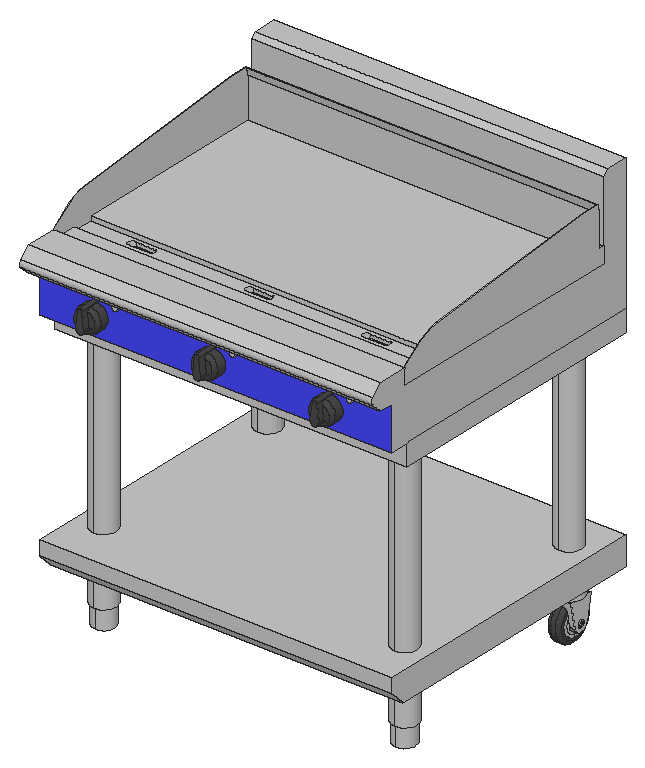
Revit family "QF_MOFFAT_BLUESEAL_CE_E516A-LS", category Specialty Equipment, Revit 2012
Parameters
  Width = 900 mm
  Weight in Pounds = 198  # constant formula
  Watts = 10200 W
  Volts = 400 V
  URL Cutsheet = "www.moffat.com"
  URL = "www.moffat.com"
  Type Mark [instance] = ""
  Status [instance] = ""
  Specification by User [instance] = ""
  Specification by Manufacturer = ""
  Show Logo [instance] = no
  Show Casters [instance] = yes
  Serial Number = ""
  Seismic Rating = ""
  SMACNA No = ""
  Revision Code [instance] = ""
  Phase = 3
  Omniclass Number and Title = ""
  Number of Poles = 1
  NAFEM Spec ID Number = ""
  Model = "E516A-LS"
  Min Ckt Ampacity = 0 A
  Max Overcurrent Protection = 0 A
  Masterspec = ""
  Manufacturer = "MOFFAT BLUESEAL"
  Legs [instance] = not(Show Casters)  # no
  Item Number [instance] = ""
  Installed By [instance] = ""
  Identify Quantity as Lot [instance] = yes
  HP = ""
  Furnished By [instance] = ""
  Foodservice Equipment Identifier [instance] = yes
  FL Amps = 15 A
  Electrical Remarks = "15A PER PHASE"
  Elec Conn RI Height = 0 mm
  Elec Conn Connection Height = 0 mm
  Description = "900MM ELECTRIC GRIDDLE PLATE ON LEG STAND"
  Depth = 812 mm
  Cycle = 50 Hz
  Conn Plug = ""
  Conn Conduit = yes
  CSI MasterFormat = ""
  CSI Master Format = ""
  Base Height [instance] = 150 mm
  Apparent Power = if(Phase = 3, Volts * FL Amps * 1.73, Volts * FL Amps)  # 10380 VA
Reference planes
  plane 1 "BACK": y = 0
  plane 2: z = 0
  plane 3 "LEFT": x = 0
  plane 4 "RIGHT": x = 900
  plane 5 "FRONT": y = -812
  plane 6 "TOP": z = 970
  plane 7 "Center Y": x = 450
  plane 8 "Center X": y = -406
  plane 9 "Base Height": z = 150
  plane 10: z = 915
  plane 11: y = -31
  plane 12: x = 770
  plane 13: z = 1085
  plane 14: x = 65.354
  plane 15: y = -625
  plane 16: y = -100
  plane 17: x = 834.646
Forms (mm)
  Extrusion 1, solid, material "QF_Finishes_Stainless Steel"
    sketch origin (0, 0, 0) x (0, 1, 0) y (0, 0, 1)
      loop
        line (-749, 850) -> (-749, 740) -> (0, 740) -> (0, 1085) -> (-57.5, 1085) -> (-70, 1072.5) -> (-70, 875) -> (-705, 875) -> (-705, 915) -> (-783.97, 915) -> (-808.485, 890.485)
        arc (-808.485, 890.485) -> (-811.999, 882) -> (-808.485, 873.515) r 12
        line (-808.485, 873.515) -> (-784.97, 850) -> (-749, 850)
      loop
        line (0, 685) -> (0, 739.5) -> (-699, 739.5) -> (-699, 685) -> (0, 685)
      loop
        line (0, 222.5) -> (-749, 222.5) -> (-749, 186) -> (-713, 150) -> (0, 150) -> (0, 222.5)
    from 0 to 900
  Revolve 2, solid, material "QF_Finishes_Black"
    sketch origin (150, 7, 597.89) x (0, 1, 0) y (0, 0, -1)
      loop
        line (-789, -229.5) -> (-766, -229.5) -> (-766, -202) -> (-756, -202) -> (-756, -197) -> (-800, -197) -> (-800, -223.651) -> (-789, -229.5)
      axis (-800, -197) -> (-756, -197)
    angle from 0 to 360
  Extrusion 3, solid, material "QF_Finishes_Black"
    sketch origin (150, -759, 794.89) x (0, 0, 1) y (1, 0, 0)
      loop
        arc (32.192, -4.965) -> (37.079, 0.034) -> (32.192, 5.033) r 5
        line (32.192, 5.033) -> (-10.726, 10.453)
        arc (-10.726, 10.453) -> (-22.392, 0.618) -> (-11.893, -10.454) r 10.487
        line (-11.893, -10.454) -> (32.192, -4.965)
    from 0 to -49
  Extrusion 4, solid, material "QF_Finishes_Stainless Steel"
    sketch origin (0, 0, 222.5) x (0, -1, 0) y (1, 0, 0)
      loop
        circle (100, 65) r 31.75
      loop
        circle (625, 65) r 31.75
      loop
        circle (100, 835) r 31.75
      loop
        circle (625, 835) r 31.75
    from 0 to 462.5
  Revolve 5, solid, material "QF_Finishes_Stainless Steel", visible <- "Legs"
    sketch origin (65.5, -166, 0) x (0, 1, 0) y (0, 0, 1)
      loop
        line (34.25, 150) -> (34.25, 50) -> (38.5, 50) -> (38.5, 0) -> (66, 0) -> (66, 150) -> (34.25, 150)
      axis (66, 150) -> (66, 0)
    angle from 0 to 360
  Revolve 6, solid, material "QF_Finishes_Stainless Steel"
    sketch origin (65.5, -735, 0) x (0, 1, 0) y (0, 0, 1)
      loop
        line (78.25, 150) -> (78.25, 50) -> (82.5, 50) -> (82.5, 0) -> (110, 0) -> (110, 150) -> (78.25, 150)
      axis (110, 150) -> (110, 0)
    angle from 0 to 360
  Revolve 7, solid, material "QF_Finishes_Stainless Steel", visible <- "Legs"
    sketch origin (834.646, -166, -0.354) x (0, 1, 0) y (0, 0, -1)
      loop
        line (34.25, -150) -> (66, -150) -> (66, -0.354) -> (38.5, -0.354) -> (38.5, -50) -> (34.25, -50) -> (34.25, -150)
      axis (66, -150) -> (66, -0.354)
    angle from 0 to 360
  Revolve 8, solid, material "QF_Finishes_Stainless Steel"
    sketch origin (834.646, -728, -0.354) x (0, 1, 0) y (0, 0, -1)
      loop
        line (71.25, -150) -> (103, -150) -> (103, -0.354) -> (75.5, -0.354) -> (75.5, -50) -> (71.25, -50) -> (71.25, -150)
      axis (103, -150) -> (103, -0.354)
    angle from 0 to 360
  Extrusion 9, void
    sketch origin (0, -699, 740) x (0, -1, 0) y (1, 0, 0)
      loop
        circle (-668, 770) r 6.35
    from 0 to -62.281
  Revolve 10, solid, material "QF_Finishes_Black"
    sketch origin (450, 7, 597.89) x (0, 1, 0) y (0, 0, -1)
      loop
        line (-789, -229.5) -> (-766, -229.5) -> (-766, -202) -> (-756, -202) -> (-756, -197) -> (-800, -197) -> (-800, -223.651) -> (-789, -229.5)
      axis (-800, -197) -> (-756, -197)
    angle from 0 to 360
  Extrusion 11, solid, material "QF_Finishes_Black"
    sketch origin (450, -759, 794.89) x (0, 0, 1) y (1, 0, 0)
      loop
        arc (32.192, -4.965) -> (37.079, 0.034) -> (32.192, 5.033) r 5
        line (32.192, 5.033) -> (-10.726, 10.453)
        arc (-10.726, 10.453) -> (-22.392, 0.618) -> (-11.893, -10.454) r 10.487
        line (-11.893, -10.454) -> (32.192, -4.965)
    from 0 to -49
  Extrusion 12, solid, material "QF_Finishes_Stainless Steel"
    sketch origin (0, -749, 850) x (0, 0, -1) y (1, 0, 0)
      loop
        circle (25.11, 195) r 7.15
      loop
        circle (25.11, 495.3) r 7.15
      loop
        circle (25.11, 795) r 7.15
    from 0 to 3.2
  Revolve 13, solid, material "QF_Finishes_Stainless Steel", visible <- "Show Casters"
    sketch origin (16.276, -100.755, -12.8) x (1, 0, 0) y (0, 0, 1)
      loop
        line (14.841, 63.604) -> (83.584, 63.604) -> (83.584, 67.109) -> (82.314, 68.379) -> (80.79, 68.379) -> (80.79, 71.826) -> (68.644, 71.826) -> (68.644, 81.79) -> (65.088, 83.843) -> (63.738, 92.179) -> (65.881, 92.179) -> (65.881, 98.529) -> (65.088, 98.529) -> (65.088, 104.879)
        arc (65.088, 104.879) -> (62.298, 111.614) -> (55.563, 114.404) r 9.525
        line (55.563, 114.404) -> (42.863, 114.404)
        arc (42.863, 114.404) -> (36.127, 111.614) -> (33.338, 104.879) r 9.525
        line (33.338, 104.879) -> (33.338, 98.529) -> (32.544, 98.529) -> (32.544, 92.179) -> (34.687, 92.179) -> (33.352, 83.932) -> (29.782, 81.871) -> (29.782, 71.826) -> (17.635, 71.826) -> (17.635, 68.379) -> (16.111, 68.379) -> (14.841, 67.109) -> (14.841, 63.604)
      axis (14.841, 63.604) -> (83.584, 63.604)
    angle from 0 to 360
  Extrusion 14, solid, material "QF_Finishes_Stainless Steel", visible <- "Show Casters"
    sketch origin (72.001, 132.353, -8.783) x (0, 1, 0) y (0, 0, 1)
      loop
        line (-200.603, 118.783) -> (-264.103, 118.783) -> (-251.746, 53.895)
        arc (-251.746, 53.895) -> (-232.353, 38.783) -> (-212.959, 53.895) r 20
        line (-212.959, 53.895) -> (-200.603, 118.783)
    from -35.667 to 22.923
  Revolve 15, solid, material "QF_Finishes_Stainless Steel", visible <- "Show Casters"
    sketch origin (65.5, -204, 0) x (0, 1, 0) y (0, 0, 1)
      loop
        line (68.25, 150) -> (68.25, 110) -> (104, 110) -> (104, 150) -> (68.25, 150)
      axis (104, 150) -> (104, 110)
    angle from 0 to 360
  Revolve 16, solid, material "QF_Finishes_Stainless Steel", visible <- "Legs"
    sketch origin (65.5, -166, 0) x (0, 1, 0) y (0, 0, 1)
      loop
        line (34.25, 150) -> (34.25, 50) -> (38.5, 50) -> (38.5, 0) -> (66, 0) -> (66, 150) -> (34.25, 150)
      axis (66, 150) -> (66, 0)
    angle from 0 to 360
  Revolve 17, solid, material "QF_Finishes_Stainless Steel", visible <- "Show Casters"
    sketch origin (485.423, -100.755, -12.798) x (1, 0, 0) y (0, 0, 1)
      loop
        line (314.841, 63.604) -> (383.584, 63.604) -> (383.584, 67.109) -> (382.314, 68.379) -> (380.79, 68.379) -> (380.79, 71.826) -> (368.644, 71.826) -> (368.644, 81.79) -> (365.088, 83.843) -> (363.738, 92.179) -> (365.881, 92.179) -> (365.881, 98.529) -> (365.088, 98.529) -> (365.088, 104.879)
        arc (365.088, 104.879) -> (362.298, 111.614) -> (355.563, 114.404) r 9.525
        line (355.563, 114.404) -> (342.863, 114.404)
        arc (342.863, 114.404) -> (336.127, 111.614) -> (333.338, 104.879) r 9.525
        line (333.338, 104.879) -> (333.338, 98.529) -> (332.544, 98.529) -> (332.544, 92.179) -> (334.687, 92.179) -> (333.352, 83.932) -> (329.782, 81.871) -> (329.782, 71.826) -> (317.635, 71.826) -> (317.635, 68.379) -> (316.111, 68.379) -> (314.841, 67.109) -> (314.841, 63.604)
      axis (314.841, 63.604) -> (383.584, 63.604)
    angle from 0 to 360
  Extrusion 18, solid, material "QF_Finishes_Stainless Steel", visible <- "Show Casters"
    sketch origin (841.147, 132.353, -9.137) x (0, 1, 0) y (0, 0, 1)
      loop
        line (-200.603, 118.783) -> (-264.103, 118.783) -> (-251.746, 53.895)
        arc (-251.746, 53.895) -> (-232.353, 38.783) -> (-212.959, 53.895) r 20
        line (-212.959, 53.895) -> (-200.603, 118.783)
    from -35.667 to 22.923
  Revolve 19, solid, material "QF_Finishes_Stainless Steel", visible <- "Show Casters"
    sketch origin (834.646, -204, -0.354) x (0, 1, 0) y (0, 0, 1)
      loop
        line (68.25, 150) -> (68.25, 110) -> (104, 110) -> (104, 150) -> (68.25, 150)
      axis (104, 150) -> (104, 110)
    angle from 0 to 360
  Revolve 20, solid, material "QF_Finishes_Black"
    sketch origin (750, 7, 597.89) x (0, 1, 0) y (0, 0, -1)
      loop
        line (-789, -229.5) -> (-766, -229.5) -> (-766, -202) -> (-756, -202) -> (-756, -197) -> (-800, -197) -> (-800, -223.651) -> (-789, -229.5)
      axis (-800, -197) -> (-756, -197)
    angle from 0 to 360
  Extrusion 21, solid, material "QF_Finishes_Black"
    sketch origin (750, -759, 794.89) x (0, 0, 1) y (1, 0, 0)
      loop
        arc (32.192, -4.965) -> (37.079, 0.034) -> (32.192, 5.033) r 5
        line (32.192, 5.033) -> (-10.726, 10.453)
        arc (-10.726, 10.453) -> (-22.392, 0.618) -> (-11.893, -10.454) r 10.487
        line (-11.893, -10.454) -> (32.192, -4.965)
    from 0 to -49
Cuts and joins
  Extrusion 9 cuts Extrusion 1
Lines and regions (mm)
  Split face 1
    outline origin (900, 0, 1085) x (-1, 0, 0) y (0, -1, 0)
      loop
        arc (856, 18.385) -> (864.66, 23.385) -> (864.66, 33.385) r 10
        line (864.66, 33.385) -> (860.619, 40.385)
        arc (860.619, 40.385) -> (856.959, 44.045) -> (851.959, 45.385) r 10
        line (851.959, 45.385) -> (624, 45.385)
        arc (624, 45.385) -> (615.34, 40.385) -> (615.34, 30.385) r 10
        line (615.34, 30.385) -> (619.381, 23.385)
        arc (619.381, 23.385) -> (623.041, 19.725) -> (628.041, 18.385) r 10
        line (628.041, 18.385) -> (856, 18.385)
  Split face 2
    outline origin (900, 0, 1085) x (-1, 0, 0) y (0, -1, 0)
      loop
        arc (276, 18.385) -> (284.66, 23.385) -> (284.66, 33.385) r 10
        line (284.66, 33.385) -> (280.619, 40.385)
        arc (280.619, 40.385) -> (276.959, 44.045) -> (271.959, 45.385) r 10
        line (271.959, 45.385) -> (44, 45.385)
        arc (44, 45.385) -> (35.34, 40.385) -> (35.34, 30.385) r 10
        line (35.34, 30.385) -> (39.381, 23.385)
        arc (39.381, 23.385) -> (43.041, 19.725) -> (48.041, 18.385) r 10
        line (48.041, 18.385) -> (276, 18.385)
  Split face 3
    outline origin (900, 0, 1085) x (-1, 0, 0) y (0, -1, 0)
      loop
        arc (334, 45.385) -> (325.34, 40.385) -> (325.34, 30.385) r 10
        line (325.34, 30.385) -> (329.381, 23.385)
        arc (329.381, 23.385) -> (333.041, 19.725) -> (338.041, 18.385) r 10
        line (338.041, 18.385) -> (566, 18.385)
        arc (566, 18.385) -> (574.66, 23.385) -> (574.66, 33.385) r 10
        line (574.66, 33.385) -> (570.619, 40.385)
        arc (570.619, 40.385) -> (566.959, 44.045) -> (561.959, 45.385) r 10
        line (561.959, 45.385) -> (334, 45.385)
  symbolic lines, style "SpecialityEquipmentHiddenLines", visible <- "Show Casters"
    curve 1: line (78.456, -46.735, 0) -> (105.952, -62.61, 0)
    curve 2: line (27.656, -134.723, 0) -> (78.456, -46.735, 0)
    curve 3: line (55.152, -150.598, 0) -> (27.656, -134.723, 0)
    curve 4: line (105.952, -62.61, 0) -> (55.152, -150.598, 0)
    curve 5: line (848.456, -46.735, 0) -> (875.952, -62.61, 0)
    curve 6: line (797.656, -134.723, 0) -> (848.456, -46.735, 0)
    curve 7: line (825.152, -150.598, 0) -> (797.656, -134.723, 0)
    curve 8: line (875.952, -62.61, 0) -> (825.152, -150.598, 0)
  symbolic lines
    curve 9: line (0, -783.97, 0) -> (900, -783.97, 0)
    curve 10: line (0, 0, 0) -> (0, -811.999, 0)
    curve 11: line (900, -811.999, 0) -> (900, 0, 0)
    curve 12: line (900, -811.999, 0) -> (0, -811.999, 0)
    curve 13: line (0, -70, 0) -> (900, -70, 0)
    curve 14: line (0, -57.5, 0) -> (900, -57.5, 0)
    curve 15: line (900, 0, 0) -> (0, 0, 0)
    curve 16: line (561.959, -18.385, 0) -> (334, -18.385, 0)
    curve 17: arc (334, -18.385, 0) -> (325.34, -23.385, 0) -> (325.34, -33.385, 0) r 10
    curve 18: line (325.34, -33.385, 0) -> (329.381, -40.385, 0)
    curve 19: arc (329.381, -40.385, 0) -> (333.041, -44.045, 0) -> (338.041, -45.385, 0) r 10
    curve 20: line (338.041, -45.385, 0) -> (566, -45.385, 0)
    curve 21: arc (566, -45.385, 0) -> (574.66, -40.385, 0) -> (574.66, -30.385, 0) r 10
    curve 22: line (574.66, -30.385, 0) -> (570.619, -23.385, 0)
    curve 23: arc (570.619, -23.385, 0) -> (566.959, -19.725, 0) -> (561.959, -18.385, 0) r 10
    curve 24: line (851.959, -18.385, 0) -> (624, -18.385, 0)
    curve 25: arc (624, -18.385, 0) -> (615.34, -23.385, 0) -> (615.34, -33.385, 0) r 10
    curve 26: line (615.34, -33.385, 0) -> (619.381, -40.385, 0)
    curve 27: arc (619.381, -40.385, 0) -> (623.041, -44.045, 0) -> (628.041, -45.385, 0) r 10
    curve 28: line (628.041, -45.385, 0) -> (856, -45.385, 0)
    curve 29: arc (856, -45.385, 0) -> (864.66, -40.385, 0) -> (864.66, -30.385, 0) r 10
    curve 30: line (864.66, -30.385, 0) -> (860.619, -23.385, 0)
    curve 31: arc (860.619, -23.385, 0) -> (856.959, -19.725, 0) -> (851.959, -18.385, 0) r 10
    curve 32: line (271.959, -18.385, 0) -> (44, -18.385, 0)
    curve 33: arc (44, -18.385, 0) -> (35.34, -23.385, 0) -> (35.34, -33.385, 0) r 10
    curve 34: line (35.34, -33.385, 0) -> (39.381, -40.385, 0)
    curve 35: arc (39.381, -40.385, 0) -> (43.041, -44.045, 0) -> (48.041, -45.385, 0) r 10
    curve 36: line (48.041, -45.385, 0) -> (276, -45.385, 0)
    curve 37: arc (276, -45.385, 0) -> (284.66, -40.385, 0) -> (284.66, -30.385, 0) r 10
    curve 38: line (284.66, -30.385, 0) -> (280.619, -23.385, 0)
    curve 39: arc (280.619, -23.385, 0) -> (276.959, -19.725, 0) -> (271.959, -18.385, 0) r 10
    curve 40: line (0, -705, 0) -> (900, -705, 0)
Dimensions and locks
  equal spacing: plane 3 "LEFT", plane 7 "Center Y", plane 4 "RIGHT"
  "Width": plane 3 "LEFT" to plane 4 "RIGHT"
  equal spacing: plane 5 "FRONT", plane 8 "Center X", plane 1 "BACK"
  "Depth": plane 5 "FRONT" to plane 1 "BACK"
  equal spacing: plane 4 "RIGHT", plane 7 "Center Y", plane 3 "LEFT"
  plane 4 "RIGHT" to plane 3 "LEFT" = 900 mm
  plane 5 "FRONT" to plane 1 "BACK" = 812 mm
  "Base Height": plane 9 "Base Height" to level
  plane 6 "TOP" to level = 970 mm
  plane 10 to level = 915 mm
  plane 11 to plane 1 "BACK" = 31 mm
  plane 12 to plane 4 "RIGHT" = 130 mm
  plane 13 to plane 2 = 1085 mm
  Revolve 13 sketch curve to Revolve 13 sketch curve = 50.8 mm
  Revolve 17 sketch curve to Revolve 17 sketch curve = 50.8 mm
  plane 2 to cut or joined group of Extrusion 1, Extrusion 9 = 740 mm
  Extrusion 9 sketch curve to plane 1 "BACK" = 31 mm
  plane 16 to plane 15 = 525 mm
  aligned and locked: level to plane 2
  aligned and locked: Extrusion 4 to cut or joined group of Extrusion 1, Extrusion 9
  aligned and locked: cut or joined group of Extrusion 1, Extrusion 9 to plane 4 "RIGHT"
Automatic sketch dimensions
  plane 1 "BACK" to curve 15 = 0 mm
  curve 15 to plane 3 "LEFT" = 0 mm
  curve 9 to plane 4 "RIGHT" = 0 mm
  plane 3 "LEFT" to curve 2 = 27.656 mm
  plane 14 to curve 3 = 10.202 mm
  curve 2 to plane 14 = 13.102 mm
  plane 12 to curve 6 = 27.656 mm
  curve 8 to plane 17 = 9.494 mm
  plane 17 to curve 5 = 13.809 mm
  curve 5 to plane 11 = 15.735 mm
  curve 2 to plane 11 = 15.735 mm
  curve 14 to plane 11 = 26.5 mm
  curve 8 to curve 14 = 5.11 mm
  curve 4 to curve 1 = 15.875 mm
  curve 13 to curve 14 = 12.5 mm
  curve 9 to plane 5 "FRONT" = 28.03 mm
  curve 12 to plane 5 "FRONT" = 0.001 mm
  plane 10 to Extrusion 1 sketch curve = 0 mm
  Extrusion 1 sketch curve to plane 9 "Base Height" = 0 mm
  plane 13 to Extrusion 1 sketch curve = 0 mm
  Extrusion 1 sketch curve to plane 1 "BACK" = 0 mm  (x3)
  Extrusion 1 sketch curve to plane 11 = 26.5 mm
  plane 13 to Extrusion 1 sketch curve = 12.5 mm
  Extrusion 1 sketch curve to Extrusion 1 sketch curve = 12.5 mm
  plane 15 to Extrusion 1 sketch curve = 74 mm
  plane 15 to Extrusion 1 sketch curve = 80 mm
  plane 15 to Extrusion 1 sketch curve = 88 mm
  Extrusion 1 sketch curve to Extrusion 1 sketch curve = 44 mm
  Extrusion 1 sketch curve to Extrusion 1 sketch curve = 36 mm
  Extrusion 1 sketch curve to plane 5 "FRONT" = 28.03 mm
  Extrusion 1 sketch curve to plane 5 "FRONT" = 27.03 mm
  Extrusion 1 sketch curve to plane 5 "FRONT" = 12.001 mm
  Extrusion 1 sketch curve to plane 5 "FRONT" = 3.515 mm  (x2)
  plane 9 "Base Height" to Extrusion 1 sketch curve = 36 mm
  plane 9 "Base Height" to Extrusion 1 sketch curve = 72.5 mm
  plane 10 to Extrusion 1 sketch curve = 230 mm
  Extrusion 1 sketch curve to Extrusion 1 sketch curve = 54.5 mm
  Extrusion 1 sketch curve to Extrusion 1 sketch curve = 0.5 mm
  plane 10 to Extrusion 1 sketch curve = 65 mm
  Extrusion 1 sketch curve to Extrusion 1 sketch curve = 23.515 mm
  plane 10 to Extrusion 1 sketch curve = 40 mm
  Extrusion 1 sketch curve to Extrusion 1 sketch curve = 8.485 mm
  Revolve 2 sketch curve to plane 5 "FRONT" = 19 mm
  Revolve 2 sketch curve to Revolve 2 sketch curve = 0 mm  (x2)
  Revolve 2 sketch curve to Revolve 2 sketch curve = 11 mm
  Revolve 2 sketch curve to Revolve 2 sketch curve = 12.7 mm
  Revolve 2 sketch curve to Revolve 2 sketch curve = 23 mm
  Revolve 2 sketch curve to Revolve 2 sketch curve = 10 mm
  plane 10 to Revolve 2 sketch curve = 87.61 mm
  Revolve 2 sketch curve to Revolve 2 sketch curve = 5.849 mm
  Revolve 2 sketch curve to Revolve 2 sketch curve = 27.5 mm
  Revolve 2 sketch curve to Revolve 2 sketch curve = 5 mm
  Extrusion 3 sketch curve to Revolve 2 = 0.034 mm  (x2)
  Revolve 2 to Extrusion 3 sketch curve = 10.454 mm
  Extrusion 3 sketch curve to Extrusion 3 sketch curve = 0.028 mm
  Extrusion 3 sketch curve to Revolve 2 = 10.453 mm
  Extrusion 3 sketch curve to Extrusion 3 sketch curve = 44 mm
  Extrusion 3 sketch curve to Revolve 2 = 5.033 mm
  Extrusion 3 sketch curve to Extrusion 3 sketch curve = 0.113 mm
  Revolve 2 to Extrusion 3 sketch curve = 4.965 mm
  Extrusion 4 sketch curve to Extrusion 4 sketch curve = 0 mm  (x8)
  Extrusion 1 to Extrusion 4 sketch curve = 68.25 mm  (x2)
  Extrusion 4 sketch curve to Extrusion 4 sketch curve = 31.75 mm  (x4)
  Extrusion 4 sketch curve to Extrusion 1 = 155.75 mm  (x2)
  Extrusion 1 to Extrusion 4 sketch curve = 65 mm  (x4)
  Revolve 5 sketch curve to plane 9 "Base Height" = 0 mm
  Revolve 5 sketch curve to level = 0 mm
  Revolve 5 sketch curve to plane 16 = 0 mm  (x2)
  plane 16 to Revolve 5 sketch curve = 27.5 mm
  plane 16 to Revolve 5 sketch curve = 31.75 mm
  Revolve 5 sketch curve to Revolve 5 sketch curve = 55 mm
  level to Revolve 5 sketch curve = 50 mm
  Revolve 5 sketch curve to Revolve 5 sketch curve = 0 mm
  Revolve 6 sketch curve to plane 9 "Base Height" = 0 mm
  Revolve 6 sketch curve to level = 0 mm
  Revolve 6 sketch curve to plane 15 = 0 mm  (x2)
  Revolve 6 sketch curve to Revolve 6 sketch curve = 27.5 mm
  Revolve 6 sketch curve to Revolve 6 sketch curve = 31.75 mm
  Revolve 6 sketch curve to Revolve 6 sketch curve = 55 mm
  level to Revolve 6 sketch curve = 50 mm
  Revolve 6 sketch curve to Revolve 6 sketch curve = 0 mm
  Revolve 7 sketch curve to level = 0 mm
  Revolve 7 sketch curve to plane 16 = 0 mm  (x2)
  plane 16 to Revolve 7 sketch curve = 27.5 mm
  Revolve 7 sketch curve to plane 9 "Base Height" = 0.354 mm
  plane 16 to Revolve 7 sketch curve = 31.75 mm
  level to Revolve 7 sketch curve = 49.646 mm
  Revolve 7 sketch curve to Revolve 7 sketch curve = 0 mm
  Revolve 7 sketch curve to level = 55.354 mm
  Revolve 8 sketch curve to level = 0 mm
  Revolve 8 sketch curve to plane 15 = 0 mm  (x2)
  Revolve 8 sketch curve to Revolve 8 sketch curve = 27.5 mm
  Revolve 8 sketch curve to plane 9 "Base Height" = 0.354 mm
  plane 15 to Revolve 8 sketch curve = 31.75 mm
  level to Revolve 8 sketch curve = 49.646 mm
  Revolve 8 sketch curve to Revolve 8 sketch curve = 0 mm
  Revolve 8 sketch curve to Revolve 8 sketch curve = 55.354 mm
  Extrusion 9 sketch curve to Extrusion 1 = 130 mm
  Revolve 10 sketch curve to plane 5 "FRONT" = 19 mm
  Revolve 10 sketch curve to Revolve 10 sketch curve = 0 mm  (x2)
  Revolve 10 sketch curve to Revolve 10 sketch curve = 11 mm
  Revolve 10 sketch curve to Revolve 10 sketch curve = 12.7 mm
  Revolve 10 sketch curve to Revolve 10 sketch curve = 23 mm
  Revolve 10 sketch curve to Revolve 10 sketch curve = 10 mm
  plane 10 to Revolve 10 sketch curve = 87.61 mm
  Revolve 10 sketch curve to Revolve 10 sketch curve = 5.849 mm
  Revolve 10 sketch curve to Revolve 10 sketch curve = 27.5 mm
  Revolve 10 sketch curve to Revolve 10 sketch curve = 5 mm
  Extrusion 11 sketch curve to Revolve 10 = 0.034 mm  (x2)
  Revolve 10 to Extrusion 11 sketch curve = 10.454 mm
  Extrusion 11 sketch curve to Extrusion 11 sketch curve = 0.028 mm
  Extrusion 11 sketch curve to Revolve 10 = 10.453 mm
  Extrusion 11 sketch curve to Extrusion 11 sketch curve = 44 mm
  Extrusion 11 sketch curve to Revolve 10 = 5.033 mm
  Extrusion 11 sketch curve to Extrusion 11 sketch curve = 0.113 mm
  Revolve 10 to Extrusion 11 sketch curve = 4.965 mm
  Split face 1 sketch curve to cut or joined group of Extrusion 1, Extrusion 9 = 27.115 mm
  Split face 1 sketch curve to cut or joined group of Extrusion 1, Extrusion 9 = 284.66 mm
  Split face 1 sketch curve to Split face 1 sketch curve = 4.041 mm  (x4)
  Split face 1 sketch curve to Split face 1 sketch curve = 8.66 mm  (x2)
  Split face 1 sketch curve to cut or joined group of Extrusion 1, Extrusion 9 = 12.115 mm
  Split face 1 sketch curve to cut or joined group of Extrusion 1, Extrusion 9 = 48.041 mm
  Split face 1 sketch curve to Split face 1 sketch curve = 7 mm  (x3)
  Split face 1 sketch curve to Split face 1 sketch curve = 17 mm
  Split face 2 sketch curve to cut or joined group of Extrusion 1, Extrusion 9 = 35.34 mm
  Split face 2 sketch curve to Split face 2 sketch curve = 4.041 mm  (x4)
  Split face 2 sketch curve to Split face 2 sketch curve = 8.66 mm  (x2)
  Split face 2 sketch curve to cut or joined group of Extrusion 1, Extrusion 9 = 12.115 mm
  Split face 2 sketch curve to Split face 2 sketch curve = 223.917 mm
  Split face 2 sketch curve to Split face 2 sketch curve = 5 mm
  Split face 2 sketch curve to Split face 2 sketch curve = 10 mm
  Split face 2 sketch curve to Split face 2 sketch curve = 7 mm  (x3)
  plane 3 "LEFT" to Revolve 13 sketch curve = 31.118 mm
  Revolve 13 sketch curve to Revolve 13 sketch curve = 1.27 mm  (x4)
  Revolve 13 sketch curve to Revolve 13 sketch curve = 1.524 mm  (x2)
  Revolve 13 sketch curve to Revolve 13 sketch curve = 12.146 mm  (x2)
  plane 14 to Revolve 13 sketch curve = 16.533 mm
  Revolve 13 sketch curve to Revolve 13 sketch curve = 0.794 mm  (x2)
  Revolve 13 sketch curve to Revolve 13 sketch curve = 3.57 mm
  Revolve 13 sketch curve to Revolve 13 sketch curve = 2.143 mm
  plane 14 to Revolve 13 sketch curve = 6.215 mm
  Revolve 13 sketch curve to plane 14 = 5.276 mm
  Revolve 13 sketch curve to plane 14 = 6.485 mm
  Revolve 13 sketch curve to plane 14 = 14.661 mm
  Revolve 13 sketch curve to Revolve 13 sketch curve = 1.349 mm  (x2)
  Revolve 13 sketch curve to Revolve 13 sketch curve = 3.556 mm
  Revolve 13 sketch curve to Revolve 13 sketch curve = 33.32 mm
  level to Revolve 13 sketch curve = 50.804 mm
  Revolve 13 sketch curve to Revolve 13 sketch curve = 0 mm
  Revolve 13 sketch curve to Revolve 13 sketch curve = 3.505 mm  (x2)
  Revolve 13 sketch curve to Revolve 13 sketch curve = 3.447 mm  (x2)
  Revolve 13 sketch curve to Revolve 13 sketch curve = 9.964 mm
  Revolve 13 sketch curve to Revolve 13 sketch curve = 10.045 mm
  Revolve 13 sketch curve to Revolve 13 sketch curve = 2.053 mm
  Revolve 13 sketch curve to Revolve 13 sketch curve = 2.061 mm
  Revolve 13 sketch curve to Revolve 13 sketch curve = 8.247 mm
  Revolve 13 sketch curve to Revolve 13 sketch curve = 8.336 mm
  Revolve 13 sketch curve to Revolve 13 sketch curve = 6.35 mm  (x2)
  Extrusion 14 sketch curve to plane 16 = 0 mm
  plane 16 to Extrusion 14 sketch curve = 19.393 mm
  plane 16 to Extrusion 14 sketch curve = 31.75 mm
  Extrusion 14 sketch curve to plane 16 = 19.393 mm
  Extrusion 14 sketch curve to plane 16 = 31.75 mm
  level to Extrusion 14 sketch curve = 45.111 mm
  Extrusion 14 sketch curve to Extrusion 14 sketch curve = 4.889 mm
  Extrusion 14 sketch curve to plane 9 "Base Height" = 40 mm
  Revolve 15 sketch curve to plane 9 "Base Height" = 0 mm
  Revolve 15 sketch curve to plane 16 = 0 mm  (x2)
  plane 16 to Revolve 15 sketch curve = 35.75 mm
  Revolve 15 sketch curve to Revolve 15 sketch curve = 40 mm
  level to Revolve 15 sketch curve = 50 mm
  Revolve 15 sketch curve to level = 55 mm
  Revolve 16 sketch curve to plane 9 "Base Height" = 0 mm
  Revolve 16 sketch curve to level = 0 mm
  Revolve 16 sketch curve to plane 16 = 0 mm  (x2)
  plane 16 to Revolve 16 sketch curve = 27.5 mm
  plane 16 to Revolve 16 sketch curve = 31.75 mm
  Revolve 16 sketch curve to Revolve 16 sketch curve = 55 mm
  level to Revolve 16 sketch curve = 50 mm
  Revolve 16 sketch curve to Revolve 16 sketch curve = 0 mm
  plane 12 to Revolve 17 sketch curve = 30.264 mm
  Revolve 17 sketch curve to Revolve 17 sketch curve = 1.27 mm  (x4)
  Revolve 17 sketch curve to Revolve 17 sketch curve = 1.524 mm  (x2)
  Revolve 17 sketch curve to Revolve 17 sketch curve = 12.146 mm  (x2)
  Revolve 17 sketch curve to plane 17 = 16.68 mm
  Revolve 17 sketch curve to Revolve 17 sketch curve = 0.794 mm  (x2)
  Revolve 17 sketch curve to Revolve 17 sketch curve = 3.57 mm
  Revolve 17 sketch curve to Revolve 17 sketch curve = 2.143 mm
  Revolve 17 sketch curve to plane 17 = 6.361 mm
  plane 17 to Revolve 17 sketch curve = 5.13 mm
  plane 17 to Revolve 17 sketch curve = 6.339 mm
  plane 17 to Revolve 17 sketch curve = 14.515 mm
  Revolve 17 sketch curve to Revolve 17 sketch curve = 1.349 mm  (x2)
  Revolve 17 sketch curve to Revolve 17 sketch curve = 3.556 mm
  Revolve 17 sketch curve to plane 4 "RIGHT" = 2.327 mm
  level to Revolve 17 sketch curve = 50.806 mm
  Revolve 17 sketch curve to Revolve 17 sketch curve = 0 mm
  Revolve 17 sketch curve to Revolve 17 sketch curve = 3.505 mm  (x2)
  Revolve 17 sketch curve to Revolve 17 sketch curve = 3.447 mm  (x2)
  Revolve 17 sketch curve to Revolve 17 sketch curve = 9.964 mm
  Revolve 17 sketch curve to Revolve 17 sketch curve = 10.045 mm
  Revolve 17 sketch curve to Revolve 17 sketch curve = 2.053 mm
  Revolve 17 sketch curve to Revolve 17 sketch curve = 2.061 mm
  Revolve 17 sketch curve to Revolve 17 sketch curve = 8.247 mm
  Revolve 17 sketch curve to Revolve 17 sketch curve = 8.336 mm
  Revolve 17 sketch curve to Revolve 17 sketch curve = 6.35 mm  (x2)
  Extrusion 18 sketch curve to plane 16 = 0 mm
  plane 16 to Extrusion 18 sketch curve = 19.393 mm
  plane 16 to Extrusion 18 sketch curve = 31.75 mm
  Extrusion 18 sketch curve to plane 16 = 19.393 mm
  Extrusion 18 sketch curve to plane 16 = 31.75 mm
  level to Extrusion 18 sketch curve = 44.758 mm
  Extrusion 18 sketch curve to Extrusion 18 sketch curve = 4.889 mm
  Extrusion 18 sketch curve to plane 9 "Base Height" = 40.354 mm
  Revolve 19 sketch curve to plane 16 = 0 mm  (x2)
  Revolve 19 sketch curve to plane 9 "Base Height" = 0.354 mm
  plane 16 to Revolve 19 sketch curve = 35.75 mm
  Revolve 19 sketch curve to Revolve 19 sketch curve = 40 mm
  level to Revolve 19 sketch curve = 49.646 mm
  Revolve 19 sketch curve to level = 55.354 mm
  Split face 3 sketch curve to cut or joined group of Extrusion 1, Extrusion 9 = 27.115 mm
  Split face 3 sketch curve to cut or joined group of Extrusion 1, Extrusion 9 = 325.34 mm
  Split face 3 sketch curve to cut or joined group of Extrusion 1, Extrusion 9 = 23.385 mm
  Split face 3 sketch curve to Split face 3 sketch curve = 4.041 mm  (x4)
  Split face 3 sketch curve to Split face 3 sketch curve = 8.66 mm  (x2)
  Split face 3 sketch curve to cut or joined group of Extrusion 1, Extrusion 9 = 22.115 mm
  Split face 3 sketch curve to Split face 3 sketch curve = 223.917 mm
  Split face 3 sketch curve to cut or joined group of Extrusion 1, Extrusion 9 = 17.115 mm
  Split face 3 sketch curve to Split face 3 sketch curve = 17 mm
  Split face 3 sketch curve to Split face 3 sketch curve = 7 mm
  Revolve 20 sketch curve to plane 5 "FRONT" = 19 mm
  Revolve 20 sketch curve to Revolve 20 sketch curve = 0 mm  (x2)
  Revolve 20 sketch curve to Revolve 20 sketch curve = 11 mm
  Revolve 20 sketch curve to Revolve 20 sketch curve = 12.7 mm
  Revolve 20 sketch curve to Revolve 20 sketch curve = 23 mm
  Revolve 20 sketch curve to Revolve 20 sketch curve = 10 mm
  plane 10 to Revolve 20 sketch curve = 87.61 mm
  Revolve 20 sketch curve to Revolve 20 sketch curve = 5.849 mm
  Revolve 20 sketch curve to Revolve 20 sketch curve = 27.5 mm
  Revolve 20 sketch curve to Revolve 20 sketch curve = 5 mm
  Extrusion 21 sketch curve to Revolve 20 = 0.034 mm  (x2)
  Revolve 20 to Extrusion 21 sketch curve = 10.454 mm
  Extrusion 21 sketch curve to Extrusion 21 sketch curve = 0.028 mm
  Extrusion 21 sketch curve to Revolve 20 = 10.453 mm
  Extrusion 21 sketch curve to Extrusion 21 sketch curve = 44 mm
  Extrusion 21 sketch curve to Revolve 20 = 5.033 mm
  Extrusion 21 sketch curve to Extrusion 21 sketch curve = 0.113 mm
  Revolve 20 to Extrusion 21 sketch curve = 4.965 mm
  curve 17 to plane 11 = 2.385 mm
  curve 17 to plane 7 "Center Y" = 124.66 mm
  curve 18 to curve 19 = 4.041 mm
  curve 17 to curve 17 = 8.66 mm
  curve 19 to curve 20 = 8.66 mm
  plane 11 to curve 16 = 12.615 mm
  plane 7 "Center Y" to curve 16 = 111.959 mm
  curve 23 to curve 21 = 4.041 mm  (x2)
  plane 11 to curve 22 = 7.615 mm
  curve 16 to curve 22 = 8.66 mm
  plane 11 to curve 21 = 0.615 mm
  curve 21 to plane 11 = 14.385 mm
  curve 19 to curve 18 = 7 mm
  curve 26 to plane 11 = 2.385 mm
  curve 22 to curve 26 = 40.679 mm
  curve 26 to plane 11 = 9.385 mm
  curve 26 to curve 26 = 4.041 mm
  plane 11 to curve 25 = 2.615 mm
  curve 25 to curve 25 = 8.66 mm
  curve 26 to curve 28 = 8.66 mm
  plane 11 to curve 31 = 2.615 mm
  plane 17 to curve 31 = 17.312 mm
  curve 5 to curve 29 = 7.544 mm
  plane 11 to curve 30 = 7.615 mm
  plane 11 to curve 29 = 0.615 mm
  curve 31 to curve 29 = 4.041 mm
  curve 5 to curve 29 = 1.35 mm
  curve 33 to plane 11 = 2.385 mm
  plane 14 to curve 33 = 30.014 mm
  curve 34 to plane 11 = 9.385 mm
  curve 34 to curve 34 = 4.041 mm
  curve 33 to curve 32 = 8.66 mm
  curve 34 to curve 36 = 8.66 mm
  plane 11 to curve 39 = 12.615 mm
  curve 39 to curve 18 = 53.381 mm
  curve 37 to plane 11 = 4.385 mm
  curve 39 to curve 37 = 4.041 mm
  plane 11 to curve 38 = 7.615 mm
  curve 39 to curve 38 = 8.66 mm
  plane 11 to curve 38 = 0.615 mm
  curve 38 to curve 38 = 4.041 mm
  curve 9 to curve 40 = 78.97 mm
  Extrusion 12 sketch curve to Extrusion 1 = 25.11 mm  (x3)
  Extrusion 12 sketch curve to Extrusion 12 sketch curve = 300.3 mm
  Extrusion 1 to Extrusion 12 sketch curve = 105 mm
  Extrusion 12 sketch curve to Extrusion 12 sketch curve = 299.7 mm
  radius of Extrusion 9 sketch curve = 6.35 mm
  radius of Extrusion 12 sketch curve = 7.15 mm  (x3)
Nested families
  nested 1: "WALDORF LOGO_FACE BASE" at (32, -70, 1057.475) x (1, 0, 0) z (0, -1, 0), visible <- "Show Logo", type "WALDORF LOGO_FACE BASE", detail levels medium+fine
    with Show Logo yes
  nested 2: "ELECTRIC GRIDDLE PLATE 900" at (0, -85.003, 875), type "ELECTRIC GRIDDLE PLATE 900"
    with Width 900 mm, Type Mark "", Status "", Specification by User "", Revision Code "", Item Number "", Installed By "", Identify Quantity as Lot yes, Furnished By "", Foodservice Equipment Identifier yes, Depth 620 mm
Connectors
  electrical at (770, -31, 740), driven by "Volts", driven by "Watts"
    settings: on Extrusion 9, index 1, voltage 400 V, apparent load 10200 VA, apparent load phase1 0 VA, apparent load phase2 0 VA, apparent load phase3 0 VA, power factor 1, load classification "Other", number of poles 1, system type 30, power factor state 1, is connector primary yes, connector utility no, sub classification motor no, connector description "ELECTRICAL CONNECTION"
Definition of nested family "WALDORF LOGO_FACE BASE"
  Parameters (values of type "WALDORF LOGO_FACE BASE")
    Show Logo [instance] = yes
    Default Elevation = 1219.2 mm
  Reference planes
    plane 1 "Center (Front/Back)": y = 0
    plane 2: z = 0
    plane 3 "Center (Left/Right)": x = 0
  Forms (mm)
    Extrusion 1, solid
      sketch origin (0, 0, 0) x (1, 0, 0) y (0, 1, 0)
        loop
          line (-1219.2, 1219.2) -> (-1219.2, -1219.2) -> (1219.2, -1219.2) -> (1219.2, 1219.2) -> (-1219.2, 1219.2)
      from 0 to -304.8
    Extrusion 2, solid, material "QF_Finishes_Blue", visible <- "Show Logo"
      sketch origin (0, -33.217, 0) x (1, 0, 0) y (0, 1, 0)
        loop
          arc (138, 31.942) -> (137.626, 32.844) -> (136.724, 33.217) r 1.276
          line (136.724, 33.217) -> (1.29, 33.217)
          arc (1.29, 33.217) -> (0.378, 32.839) -> (0, 31.927) r 1.29
          line (0, 31.927) -> (0, 11.507)
          arc (0, 11.507) -> (0.378, 10.595) -> (1.29, 10.217) r 1.29
          line (1.29, 10.217) -> (136.71, 10.217)
          arc (136.71, 10.217) -> (137.622, 10.595) -> (138, 11.507) r 1.29
          line (138, 11.507) -> (138, 31.942)
      from 0 to 1.588
    Extrusion 3, solid, material "QF_Finishes_White", visible <- "Show Logo"
      sketch origin (0, -33.217, 1.588) x (1, 0, 0) y (0, 1, 0)
        loop
          arc (108.946, 25.919) -> (107.613, 25.367) -> (107.061, 24.034) r 1.885
          line (107.061, 24.034) -> (107.061, 17.211) -> (112.704, 17.211) -> (112.704, 19.129) -> (115.546, 19.129) -> (115.546, 17.211) -> (121.584, 17.211) -> (121.584, 24.075)
          arc (121.584, 24.075) -> (121.043, 25.379) -> (119.739, 25.919) r 1.845
          line (119.739, 25.919) -> (108.946, 25.919)
        loop
          line (123.478, 25.919) -> (123.478, 17.163) -> (134.904, 17.163) -> (134.904, 19.129) -> (129.246, 19.129) -> (129.246, 25.919) -> (123.478, 25.919)
        loop
          line (112.704, 21.258) -> (115.546, 21.258) -> (115.546, 22.702)
          arc (115.546, 22.702) -> (115.344, 23.188) -> (114.858, 23.389) r 0.687
          line (114.858, 23.389) -> (113.363, 23.389)
          arc (113.363, 23.389) -> (112.897, 23.196) -> (112.704, 22.73) r 0.658
          line (112.704, 22.73) -> (112.704, 21.258)
        loop
          line (105.071, 25.919) -> (93.771, 25.919) -> (93.771, 17.163) -> (105.071, 17.163) -> (105.071, 19.063) -> (99.535, 19.063) -> (99.535, 20.437) -> (105.071, 20.437) -> (105.071, 22.278) -> (99.535, 22.278) -> (99.535, 23.587) -> (105.071, 23.587) -> (105.071, 25.919)
        loop
          line (91.104, 25.919) -> (79.541, 25.919)
          arc (79.541, 25.919) -> (78.558, 25.513) -> (78.152, 24.53) r 1.389
          line (78.152, 24.53) -> (78.152, 22.08)
          arc (78.152, 22.08) -> (78.558, 21.098) -> (79.541, 20.691) r 1.389
          line (79.541, 20.691) -> (86.346, 20.691) -> (86.346, 18.864) -> (83.266, 18.864) -> (83.266, 19.664) -> (78.152, 19.664) -> (78.152, 18.553)
          arc (78.152, 18.553) -> (78.558, 17.57) -> (79.541, 17.163) r 1.389
          line (79.541, 17.163) -> (91.063, 17.163)
          arc (91.063, 17.163) -> (92.045, 17.57) -> (92.452, 18.553) r 1.389
          line (92.452, 18.553) -> (92.452, 20.691)
          arc (92.452, 20.691) -> (92.045, 21.673) -> (91.063, 22.08) r 1.389
          line (91.063, 22.08) -> (83.266, 22.08) -> (83.266, 23.984) -> (86.346, 23.984) -> (86.346, 22.743) -> (92.452, 22.743) -> (92.452, 24.571)
          arc (92.452, 24.571) -> (92.057, 25.524) -> (91.104, 25.919) r 1.348
        loop
          line (70.705, 25.919) -> (59.405, 25.919) -> (59.405, 17.163) -> (70.705, 17.163) -> (70.705, 19.063) -> (65.169, 19.063) -> (65.169, 20.437) -> (70.705, 20.437) -> (70.705, 22.278) -> (65.169, 22.278) -> (65.169, 23.587) -> (70.705, 23.587) -> (70.705, 25.919)
        loop
          line (57.598, 25.919) -> (51.7, 25.919) -> (51.7, 20.18)
          arc (51.7, 20.18) -> (50.63, 19.11) -> (49.56, 20.18) r 1.07
          line (49.56, 20.18) -> (49.56, 25.919) -> (43.663, 25.919) -> (43.663, 19.049)
          arc (43.663, 19.049) -> (44.215, 17.716) -> (45.548, 17.163) r 1.885
          line (45.548, 17.163) -> (55.71, 17.163)
          arc (55.71, 17.163) -> (57.045, 17.716) -> (57.598, 19.051) r 1.887
          line (57.598, 19.051) -> (57.598, 25.919)
        loop
          line (31.62, 25.919) -> (31.62, 17.163) -> (43.046, 17.163) -> (43.046, 19.129) -> (37.388, 19.129) -> (37.388, 25.919) -> (31.62, 25.919)
        loop
          line (15.969, 25.919) -> (15.969, 17.163) -> (28.693, 17.163)
          arc (28.693, 17.163) -> (29.812, 17.627) -> (30.276, 18.746) r 1.582
          line (30.276, 18.746) -> (30.276, 20.447) -> (29.48, 21.243) -> (30.276, 22.039) -> (30.276, 24.332)
          arc (30.276, 24.332) -> (29.811, 25.454) -> (28.688, 25.919) r 1.587
          line (28.688, 25.919) -> (15.969, 25.919)
        loop
          line (21.449, 24.159) -> (21.449, 22.436) -> (23.862, 22.436)
          arc (23.862, 22.436) -> (24.723, 23.298) -> (23.862, 24.159) r 0.861
          line (23.862, 24.159) -> (21.449, 24.159)
        loop
          line (21.449, 20.244) -> (21.449, 18.522) -> (23.862, 18.522)
          arc (23.862, 18.522) -> (24.723, 19.383) -> (23.862, 20.244) r 0.861
          line (23.862, 20.244) -> (21.449, 20.244)
      from 0 to 0.2
    Extrusion 4, solid, material "QF_Finishes_Blue", visible <- "Show Logo"
      sketch origin (-126.498, -31.09, 1.588) x (1, 0, 0) y (0, 1, 0)
        loop
          line (136.738, 23.522) -> (136.738, 15.1)
          arc (136.738, 15.1) -> (140.756, 19.311) -> (136.738, 23.522) r 4.216
      from 0 to 0.2
    Extrusion 5, solid, material "QF_Finishes_Red", visible <- "Show Logo"
      sketch origin (146.849, -31.09, 1.588) x (-1, 0, 0) y (0, -1, 0)
        loop
          arc (136.738, -23.522) -> (140.756, -19.311) -> (136.738, -15.1) r 4.216
          line (136.738, -15.1) -> (136.738, -23.522)
      from 0 to 0.2
  Lines and regions (mm)
    Split face 1
      outline origin (-90.35, -30.793, 1.588) x (1, 0, 0) y (0, 1, 0)
        loop
          circle (100.54, 19.013) r 4.536
  Dimensions and locks
    aligned and locked: plane 2 to Extrusion 1
    aligned and locked: level to Extrusion 1
Definition of nested family "ELECTRIC GRIDDLE PLATE 900"
  Parameters (values of type "ELECTRIC GRIDDLE PLATE 900")
    Width [instance] = 900 mm
    Weight in Pounds = 0
    URL Cutsheet = ""
    Type Mark [instance] = ""
    Status [instance] = ""
    Specification by User [instance] = ""
    Specification by Manufacturer = ""
    Serial Number = ""
    Seismic Rating = ""
    SMACNA No = ""
    Revision Code [instance] = ""
    Omniclass Number and Title = ""
    NAFEM Spec ID Number = ""
    Masterspec = ""
    Item Number [instance] = ""
    Installed By [instance] = ""
    Identify Quantity as Lot [instance] = yes
    Furnished By [instance] = ""
    Foodservice Equipment Identifier [instance] = yes
    Depth [instance] = 620 mm
    CSI MasterFormat = ""
    CSI Master Format = ""
  Reference planes
    plane 1 "BACK": y = 0
    plane 2: z = 0
    plane 3 "LEFT": x = 0
    plane 4 "RIGHT": x = 900
    plane 5 "FRONT": y = -620
    plane 6 "TOP": z = 142.5
    plane 7 "Center Y": x = 450
    plane 8 "Center X": y = -310
    plane 9: y = -530.997
    plane 10: y = -541.497
    plane 11: y = -503.25
    plane 12: y = -557.737
  Forms (mm)
    Extrusion 1, solid, material "QF_Finishes_Stainless Steel"
      sketch origin (0, 70.003, -874.5) x (0, 1, 0) y (0, 0, 1)
        loop
          line (-70, 875) -> (-70, 997.489) -> (-75.228, 1017) -> (-117.24, 1017) -> (-589.533, 971.523)
          arc (-589.533, 971.523) -> (-614.56, 965.803) -> (-637.306, 953.899) r 100
          line (-637.306, 953.899) -> (-690.003, 917) -> (-690.003, 875) -> (-70, 875)
      from 0 to 1.8
    Extrusion 2, solid, material "QF_Finishes_Stainless Steel"
      sketch origin (600, 70.003, -874.5) x (0, -1, 0) y (0, 0, 1)
        loop
          line (70, 875) -> (690.003, 875) -> (690.003, 917) -> (637.306, 953.899)
          arc (637.306, 953.899) -> (614.56, 965.803) -> (589.533, 971.523) r 100
          line (589.533, 971.523) -> (117.24, 1017) -> (75.228, 1017) -> (70, 997.489) -> (70, 875)
      from -300 to -298.8
    Extrusion 3, solid, material "QF_Finishes_Stainless Steel"
      sketch origin (150, 70.003, -874.5) x (0, 1, 0) y (0, 0, 1)
        loop
          line (-70, 894.5) -> (-573.253, 894.5) -> (-573.253, 884) -> (-627.74, 884) -> (-627.74, 894.5) -> (-690.003, 894.5) -> (-690.003, 874.5) -> (-55, 874.5) -> (-55, 914.5) -> (-70, 914.5) -> (-70, 894.5)
      from -150 to 750
    Extrusion 4, void
      sketch origin (150, -541.497, 10) x (0, -1, 0) y (1, 0, 0)
        loop
          arc (-7.497, 25) -> (-17.497, 35) -> (-27.497, 25) r 10
          line (-27.497, 25) -> (-27.497, -25)
          arc (-27.497, -25) -> (-17.497, -35) -> (-7.497, -25) r 10
          line (-7.497, -25) -> (-7.497, 25)
        loop
          arc (-7.497, 325) -> (-17.497, 335) -> (-27.497, 325) r 10
          line (-27.497, 325) -> (-27.497, 275)
          arc (-27.497, 275) -> (-17.497, 265) -> (-7.497, 275) r 10
          line (-7.497, 275) -> (-7.497, 325)
        loop
          arc (-7.497, 625) -> (-17.497, 635) -> (-27.497, 625) r 10
          line (-27.497, 625) -> (-27.497, 575)
          arc (-27.497, 575) -> (-17.497, 565) -> (-7.497, 575) r 10
          line (-7.497, 575) -> (-7.497, 625)
      from -41.4 to 40.142
    Extrusion 5, solid, material "QF_Finishes_Stainless Steel"
      sketch origin (0, 70.003, -874.5) x (0, 1, 0) y (0, 0, 1)
        loop
          line (-70, 875) -> (-70, 997.489) -> (-75.228, 1017) -> (-76.884, 1017) -> (-71.6, 997.278) -> (-71.6, 875) -> (-70, 875)
      from 0 to 898.8
  Cuts and joins
    Extrusion 4 cuts Extrusion 3
    joined: Extrusion 1, Extrusion 2, Extrusion 3, Extrusion 5
  Lines and regions (mm)
    symbolic lines
      curve 1: line (898.8, -503.25, 0) -> (0, -503.25, 0)
      curve 2: line (1.8, -557.737, 0) -> (898.8, -557.737, 0)
      curve 3: line (0, -620, 0) -> (900, -620, 0)
      curve 4: line (900, -5.225, 0) -> (0, -5.225, 0)
      curve 5: line (0, -5.225, 0) -> (0, -620, 0)
      curve 6: line (900, -620, 0) -> (900, -5.225, 0)
      curve 7: line (125, -514, 0) -> (175, -514, 0)
      curve 8: arc (175, -514, 0) -> (185, -524, 0) -> (175, -534, 0) r 10
      curve 9: line (175, -534, 0) -> (125, -534, 0)
      curve 10: arc (125, -534, 0) -> (115, -524, 0) -> (125, -514, 0) r 10
      curve 11: line (425, -514, 0) -> (475, -514, 0)
      curve 12: arc (475, -514, 0) -> (485, -524, 0) -> (475, -534, 0) r 10
      curve 13: line (475, -534, 0) -> (425, -534, 0)
      curve 14: arc (425, -534, 0) -> (415, -524, 0) -> (425, -514, 0) r 10
      curve 15: line (775, -534, 0) -> (725, -534, 0)
      curve 16: arc (725, -534, 0) -> (715, -524, 0) -> (725, -514, 0) r 10
      curve 17: line (725, -514, 0) -> (775, -514, 0)
      curve 18: arc (775, -514, 0) -> (785, -524, 0) -> (775, -534, 0) r 10
  Dimensions and locks
    equal spacing: plane 3 "LEFT", plane 7 "Center Y", plane 4 "RIGHT"
    "Width": plane 3 "LEFT" to plane 4 "RIGHT"
    equal spacing: plane 5 "FRONT", plane 8 "Center X", plane 1 "BACK"
    "Depth": plane 5 "FRONT" to plane 1 "BACK"
    locked: Extrusion 2 to Extrusion 2 at 1.2
    aligned and locked: level to plane 2
    aligned and locked: Extrusion 2 to plane 4 "RIGHT"
    aligned and locked: curve 1 to plane 11
    aligned and locked: plane 12 to curve 2
    aligned and locked: Extrusion 5 to cut or joined group of Extrusion 1, Extrusion 2, Extrusion 3, Extrusion 4, Extrusion 5
    aligned and locked: cut or joined group of Extrusion 1, Extrusion 2, Extrusion 3, Extrusion 4, Extrusion 5 to plane 4 "RIGHT"
    aligned and locked: cut or joined group of Extrusion 1, Extrusion 2, Extrusion 3, Extrusion 4, Extrusion 5 to plane 3 "LEFT"
  Automatic sketch dimensions
    Extrusion 1 sketch curve to plane 5 "FRONT" = 0 mm
    Extrusion 1 sketch curve to plane 6 "TOP" = 0 mm
    plane 12 to Extrusion 1 sketch curve = 9.566 mm
    plane 11 to Extrusion 1 sketch curve = 16.28 mm
    Extrusion 1 sketch curve to level = 2.516 mm
    plane 11 to Extrusion 1 sketch curve = 6.695 mm
    plane 1 "BACK" to Extrusion 1 sketch curve = 47.237 mm
    plane 1 "BACK" to Extrusion 1 sketch curve = 5.225 mm
    Extrusion 1 sketch curve to plane 1 "BACK" = 0.003 mm
    level to Extrusion 1 sketch curve = 0.5 mm
    Extrusion 1 sketch curve to Extrusion 1 sketch curve = 42 mm
    Extrusion 1 sketch curve to plane 6 "TOP" = 63.101 mm
    Extrusion 1 sketch curve to plane 6 "TOP" = 19.511 mm
    Extrusion 2 sketch curve to plane 6 "TOP" = 0 mm
    Extrusion 2 sketch curve to plane 5 "FRONT" = 0 mm
    plane 12 to Extrusion 2 sketch curve = 9.566 mm
    plane 11 to Extrusion 2 sketch curve = 16.28 mm
    Extrusion 2 sketch curve to level = 2.516 mm
    plane 11 to Extrusion 2 sketch curve = 6.695 mm
    plane 1 "BACK" to Extrusion 2 sketch curve = 47.237 mm
    plane 1 "BACK" to Extrusion 2 sketch curve = 5.225 mm
    Extrusion 2 sketch curve to plane 1 "BACK" = 0.003 mm
    level to Extrusion 2 sketch curve = 0.5 mm
    Extrusion 2 sketch curve to Extrusion 2 sketch curve = 42 mm
    Extrusion 2 sketch curve to plane 6 "TOP" = 63.101 mm
    Extrusion 2 sketch curve to plane 6 "TOP" = 19.511 mm
    plane 1 "BACK" to Extrusion 5 sketch curve = 5.225 mm
    Extrusion 5 sketch curve to plane 1 "BACK" = 0.003 mm
    Extrusion 5 sketch curve to plane 6 "TOP" = 19.511 mm
    Extrusion 5 sketch curve to Extrusion 5 sketch curve = 1.6 mm
    Extrusion 5 sketch curve to Extrusion 5 sketch curve = 0.211 mm
    Extrusion 5 sketch curve to plane 6 "TOP" = 0 mm
    Extrusion 5 sketch curve to Extrusion 5 sketch curve = 1.656 mm
    level to Extrusion 5 sketch curve = 0.5 mm
    plane 5 "FRONT" to curve 3 = 0 mm
    plane 3 "LEFT" to curve 2 = 1.8 mm
    plane 3 "LEFT" to curve 4 = 0 mm
    plane 4 "RIGHT" to curve 2 = 1.2 mm
    plane 4 "RIGHT" to curve 3 = 0 mm
    plane 4 "RIGHT" to curve 1 = 1.2 mm
    plane 1 "BACK" to curve 6 = 5.225 mm
    Extrusion 3 sketch curve to plane 5 "FRONT" = 0 mm
    Extrusion 3 sketch curve to plane 12 = 0 mm
    Extrusion 3 sketch curve to plane 11 = 0 mm
    Extrusion 3 sketch curve to plane 1 "BACK" = 0.003 mm
    level to Extrusion 3 sketch curve = 0 mm
    Extrusion 3 sketch curve to Extrusion 3 sketch curve = 15 mm
    level to Extrusion 3 sketch curve = 9.5 mm
    Extrusion 3 sketch curve to Extrusion 3 sketch curve = 10.5 mm
    Extrusion 3 sketch curve to Extrusion 3 sketch curve = 20 mm  (x2)
    plane 11 to Extrusion 4 sketch curve = 10.75 mm  (x3)
    Extrusion 4 sketch curve to Extrusion 4 sketch curve = 10 mm  (x3)
    plane 3 "LEFT" to Extrusion 4 sketch curve = 125 mm
    Extrusion 4 sketch curve to Extrusion 4 sketch curve = 50 mm  (x2)
    Extrusion 4 sketch curve to plane 7 "Center Y" = 25 mm
    plane 7 "Center Y" to Extrusion 4 sketch curve = 25 mm
    plane 4 "RIGHT" to Extrusion 4 sketch curve = 175 mm
    plane 11 to curve 10 = 20.75 mm
    plane 3 "LEFT" to curve 10 = 125 mm
    curve 8 to plane 12 = 23.737 mm
    curve 9 to curve 8 = 50 mm
    curve 13 to plane 7 "Center Y" = 25 mm
    plane 7 "Center Y" to curve 13 = 25 mm
    curve 13 to plane 12 = 23.737 mm
    curve 14 to curve 14 = 10 mm
    plane 11 to curve 16 = 20.75 mm
    plane 4 "RIGHT" to curve 16 = 175 mm
    curve 15 to plane 12 = 23.737 mm
    curve 15 to curve 15 = 50 mm
